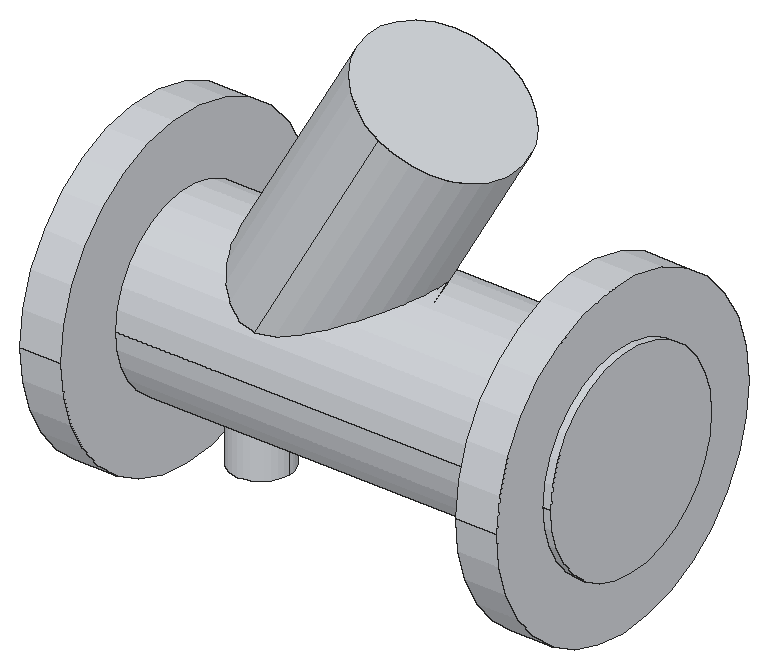
Revit family "HS 821-síto_standard-PN16-DN065-RFA_2019", category Pipe Accessories, Revit 2019
Family settings
  Round Connector Dimension = Use Diameter
  Part Type = Breaks Into
  Work Plane-Based = No
  Always vertical = Yes
  Cut with Voids When Loaded = No
  Shared = No
Parameters (values of type "821A-DN065-PN16-síto_standard")
  magiProductId = "235b1b3e4c0843779a4d5e3716d40a"
  magiProductFamilyId = "79214ac3aaa945e397802f559f5c1e"
  magiPartTypeId = 307
  isMeasuringValve [instance] = no
  ang2D [instance] = 0.00°
  ZB__ve = -ZB  # -29.75 mm
  ZB1 = 47.79 mm
  ZB = 29.75 mm
  X2 = 86.927 mm
  X1 = 40.6 mm
  W2D = 15 mm
  VersionID = "2.0/2017.9.26.1/ZETKAMA_821_001"
  Use Minimum Symbol Size [instance] = yes
  URL = "www.hydronix.cz"
  Type Comments = "Filtr přírubový; síto standardní; A-PN16 (-10~300°C); D-PN25 (-10~350°C); F-PN40 (-10~400°C)"
  S = 118 mm
  QmdConnectorList = "301;D;302;D"
  Productdata [instance] = ""
  Manufacturer = "Hydronix"
  MC Product Code = "200 165 (821A; DN065; PN16; kvs101,5; oko síta 1,25mm)"
  LM1 = 23.2 mm
  LM = 232 mm
  L4 = 72.5 mm
  L2D_Min = 3048 mm
  L2D = 130 mm
  L2 = 145 mm
  HH2 = 150.562 mm
  FD = 185 mm
  Description = "Filtr přírubový; síto standardní; 821A-PN16; 821D-PN25; 821F-PN40"
  DM1 = 94.2 mm
  DM = 106.2 mm
  D = 65 mm
  CC = 4.93 mm
  CAT0 = yes
  C1 = 24.07 mm
  C = 29 mm
  BD = 33.453 mm
Types (40, lengths in mm): name | magiProductId | ZB__ve | ZB1 | ZB | X2 | X1 | S | MC Product Code | LM1 | LM | L4 | L2 | HH2 | FD | DM1 | DM | D | CC | C1 | C | BD
  821A-DN015-PN16-síto_standard | "a71bcfe8b393460598b23e8ddf7dc5" | -16.25 | 18.63 | 16.25 | 46.982 | 18.2 | 46 | "200 115 (821A; DN015; PN16; kvs6,3; oko síta 1,00mm)" | 10.4 | 104 | 32.5 | 65 | 81.375 | 95 | 27.6 | 41.4 | 15 | 2.21 | 10.79 | 13 | 13.041
  821A-DN020-PN16-síto_standard | "41cd6c7a12924f4991217528336076" | -17.75 | 22.68 | 17.75 | 51.673 | 21 | 56 | "200 120 (821A; DN020; PN16; kvs11,2; oko síta 1,00mm)" | 12 | 120 | 37.5 | 75 | 89.5 | 105 | 33.6 | 50.4 | 20 | 2.55 | 12.45 | 15 | 15.876
  821A-DN025-PN16-síto_standard | "be378b463ed14c3abf4c9b3ae8cf3a" | -19.25 | 26.325 | 19.25 | 58.601 | 22.4 | 65 | "200 125 (821A; DN025; PN16; kvs14,7; oko síta 1,00mm)" | 12.8 | 128 | 40 | 80 | 101.5 | 115 | 43.2 | 58.5 | 25 | 2.72 | 13.28 | 16 | 18.427
  821A-DN032-PN16-síto_standard | "227a0d18b21540afabe8b6067d35fa" | -23 | 30.78 | 23 | 68.849 | 25.2 | 76 | "200 132 (821A; DN032; PN16; kvs23,7; oko síta 1,00mm)" | 14.4 | 144 | 45 | 90 | 119.25 | 140 | 50.4 | 68.4 | 32 | 3.06 | 14.94 | 18 | 21.546
  821A-DN040-PN16-síto_standard | "d106917c74724141a10440112d0102" | -24.5 | 34.02 | 24.5 | 75.777 | 28 | 84 | "200 140 (821A; DN040; PN16; kvs37,7; oko síta 1,00mm)" | 16 | 160 | 50 | 100 | 131.25 | 150 | 60 | 75.6 | 40 | 3.4 | 16.6 | 20 | 23.814
  821A-DN050-PN16-síto_standard | "8255d456a09e4f6486734f5dd9171b" | -26.75 | 40.095 | 26.75 | 79.061 | 32.2 | 99 | "200 150 (821A; DN050 PN16; kvs57,9; oko síta 1,00mm)" | 18.4 | 184 | 57.5 | 115 | 136.938 | 165 | 73.8 | 89.1 | 50 | 3.91 | 19.09 | 23 | 28.066
  821A-DN065-PN16-síto_standard | "235b1b3e4c0843779a4d5e3716d40a" | -29.75 | 47.79 | 29.75 | 86.927 | 40.6 | 118 | "200 165 (821A; DN065; PN16; kvs101,5; oko síta 1,25mm)" | 23.2 | 232 | 72.5 | 145 | 150.562 | 185 | 94.2 | 106.2 | 65 | 4.93 | 24.07 | 29 | 33.453
  821A-DN080-PN16-síto_standard | "a067f7c5236348ed8c820d16df7214" | -32 | 53.46 | 32 | 104.753 | 43.4 | 132 | "200 180 (821A; DN080; PN16; kvs147,4; oko síta 1,25mm)" | 24.8 | 248 | 77.5 | 155 | 181.438 | 200 | 107.4 | 118.8 | 80 | 5.27 | 25.73 | 31 | 37.422
  821A-DN100-PN16-síto_standard | "c49a648c2747461285837d643703cd" | -35 | 63.18 | 35 | 114.857 | 49 | 156 | "200 190 (821A; DN100; PN16; kvs209,6; oko síta 1,60mm)" | 28 | 280 | 87.5 | 175 | 198.937 | 220 | 131.4 | 140.4 | 100 | 5.95 | 29.05 | 35 | 44.226
  821A-DN125-PN16-síto_standard | "bf68e728a163493cbd2a663b26ebdc" | -39.5 | 74.52 | 39.5 | 131.888 | 56 | 184 | "200 191 (821A; DN125; PN16; kvs326,2; oko síta 1,60mm)" | 32 | 320 | 100 | 200 | 228.438 | 250 | 165 | 165.6 | 125 | 6.8 | 33.2 | 40 | 52.164
  821A-DN150-PN16-síto_standard | "2de770284b654863ae6bc865769dc5" | -44.75 | 85.455 | 44.75 | 155.885 | 67.2 | 211 | "200 192 (821A; DN150; PN16; kvs403; oko síta 1,60mm)" | 38.4 | 384 | 120 | 240 | 270 | 285 | 192 | 189.9 | 150 | 8.16 | 39.84 | 48 | 59.818
  821A-DN200-PN16-síto_standard | "8e5693371ab64aabb29a7f08c76e15" | -53 | 107.73 | 53 | 188.361 | 84 | 266 | "200 193 (821A; DN200; PN16; kvs707; oko síta 1,60mm)" | 48 | 480 | 150 | 300 | 326.25 | 340 | 252 | 239.4 | 200 | 10.2 | 49.8 | 60 | 75.411
  821A-DN250-PN16-síto_standard | "05e37ed948c34047acdd4c42556504" | -62.75 | 129.195 | 62.75 | 255.911 | 102.2 | 319 | "200 194 (821A; DN250; PN16; kvs1234; oko síta 1,60mm)" | 58.4 | 584 | 182.5 | 365 | 443.25 | 405 | 309.6 | 287.1 | 250 | 12.41 | 60.59 | 73 | 90.436
  821A-DN300-PN16-síto_standard | "9ad0af747269428da925480d83ce80" | -71 | 149.85 | 71 | 325.914 | 119 | 370 | "200 195 (821A; DN300; PN16; kvs1916; oko síta 1,60mm)" | 68 | 680 | 212.5 | 425 | 564.5 | 460 | 369.6 | 333 | 300 | 14.45 | 70.55 | 85 | 104.895
  821A-DN350-PN16-síto_standard | "eebc71459bb3451bb4355e7951370a" | -80 | 173.745 | 80 | 356.875 | 137.2 | 429 | "200 196 (821A; DN350; PN16; kvs2621; oko síta 1,60mm)" | 78.4 | 784 | 245 | 490 | 618.125 | 520 | 438 | 386.1 | 350 | 16.66 | 81.34 | 98 | 121.621
  821A-DN400-PN16-síto_standard | "d2f677cb196647e385b2590e7d8abe" | -89 | 194.4 | 89 | 392.237 | 154 | 480 | "200 197 (821A; DN400; PN16; kvs3460; oko síta 1,60mm)" | 88 | 880 | 275 | 550 | 679.375 | 580 | 498 | 432 | 400 | 18.7 | 91.3 | 110 | 136.08
  821D-DN015-PN25-síto_standard | "27ddcbf555414f8ca1fde329bf9087" | -16.25 | 18.63 | 16.25 | 46.982 | 18.2 | 46 | "200 215 (821D; DN015; PN25; kvs6,3; oko síta 1,00mm)" | 10.4 | 104 | 32.5 | 65 | 81.375 | 95 | 27.6 | 41.4 | 15 | 2.21 | 10.79 | 13 | 13.041
  821D-DN020-PN25-síto_standard | "270e0f14012f47189cd0235c18faee" | -17.75 | 22.68 | 17.75 | 51.673 | 21 | 56 | "200 220 (821D; DN020; PN25; kvs11,2; oko síta 1,00mm)" | 12 | 120 | 37.5 | 75 | 89.5 | 105 | 33.6 | 50.4 | 20 | 2.55 | 12.45 | 15 | 15.876
  821D-DN025-PN25-síto_standard | "b9a7fb4aa36643878c637d8e1ab992" | -19.25 | 26.325 | 19.25 | 58.601 | 22.4 | 65 | "200 225 (821D; DN025; PN25; kvs14,7; oko síta 1,00mm)" | 12.8 | 128 | 40 | 80 | 101.5 | 115 | 43.2 | 58.5 | 25 | 2.72 | 13.28 | 16 | 18.427
  821D-DN032-PN25-síto_standard | "6be9a55c4e68400f94eec7e804204c" | -23 | 30.78 | 23 | 68.849 | 25.2 | 76 | "200 232 (821D; DN032; PN25; kvs23,7; oko síta 1,00mm)" | 14.4 | 144 | 45 | 90 | 119.25 | 140 | 50.4 | 68.4 | 32 | 3.06 | 14.94 | 18 | 21.546
  821D-DN040-PN25-síto_standard | "c54511bd7f584ec2984291479612cb" | -24.5 | 34.02 | 24.5 | 75.777 | 28 | 84 | "200 240 (821D; DN040; PN25; kvs37,7; oko síta 1,00mm)" | 16 | 160 | 50 | 100 | 131.25 | 150 | 60 | 75.6 | 40 | 3.4 | 16.6 | 20 | 23.814
  821D-DN050-PN25-síto_standard | "5483b1f596b04cd39b23a14a22c90e" | -26.75 | 40.095 | 26.75 | 79.061 | 32.2 | 99 | "200 250 (821D; DN050; PN25; kvs57,9; oko síta 1,00mm)" | 18.4 | 184 | 57.5 | 115 | 136.938 | 165 | 73.8 | 89.1 | 50 | 3.91 | 19.09 | 23 | 28.066
  821D-DN065-PN25-síto_standard | "767b0f8318e94750bc7a9930ed5b30" | -29.75 | 47.79 | 29.75 | 86.927 | 40.6 | 118 | "200 265 (821D; DN065; PN25; kvs101,5; oko síta 1,25mm)" | 23.2 | 232 | 72.5 | 145 | 150.562 | 185 | 94.2 | 106.2 | 65 | 4.93 | 24.07 | 29 | 33.453
  821D-DN080-PN25-síto_standard | "e21040fa3cc2404b858198f6b73709" | -32 | 53.46 | 32 | 104.753 | 43.4 | 132 | "200 280 (821D; DN080; PN25; kvs147,4; oko síta 1,25mm)" | 24.8 | 248 | 77.5 | 155 | 181.438 | 200 | 107.4 | 118.8 | 80 | 5.27 | 25.73 | 31 | 37.422
  821D-DN100-PN25-síto_standard | "175ca87a506b40b3bc6b82f12f33cf" | -37.25 | 63.18 | 37.25 | 114.857 | 49 | 156 | "200 290 (821D; DN100; PN25; kvs209,6; oko síta 1,60mm)" | 28 | 280 | 87.5 | 175 | 198.937 | 235 | 131.4 | 140.4 | 100 | 5.95 | 29.05 | 35 | 44.226
  821D-DN125-PN25-síto_standard | "77cc98d60da24855999a22dff726b2" | -42.5 | 74.52 | 42.5 | 131.888 | 56 | 184 | "200 291 (821D; DN125; PN25; kvs326,2; oko síta 1,60mm)" | 32 | 320 | 100 | 200 | 228.438 | 270 | 165 | 165.6 | 125 | 6.8 | 33.2 | 40 | 52.164
  821D-DN150-PN25-síto_standard | "9cf8acfcd15547d68e83172d3abcbe" | -47 | 85.455 | 47 | 155.885 | 67.2 | 211 | "200 292 (821D; DN150; PN25; kvs403; oko síta 1,60mm)" | 38.4 | 384 | 120 | 240 | 270 | 300 | 192 | 189.9 | 150 | 8.16 | 39.84 | 48 | 59.818
  821D-DN200-PN25-síto_standard | "16973f3c9ea14389ba8602495a6b64" | -56 | 110.97 | 56 | 188.361 | 84 | 274 | "200 293 (821D; DN200; PN25; kvs707; oko síta 1,60mm)" | 48 | 480 | 150 | 300 | 326.25 | 360 | 252 | 246.6 | 200 | 10.2 | 49.8 | 60 | 77.679
  821F-DN015-PN40-síto_standard | "4c7eaf3c4c0340888b3e684d8a8616" | -16.25 | 18.225 | 16.25 | 46.982 | 18.2 | 45 | "240 615 (821F; DN015; PN40; kvs6,3; oko síta 1,00mm)" | 10.4 | 104 | 32.5 | 65 | 81.375 | 95 | 27.6 | 40.5 | 15 | 2.21 | 10.79 | 13 | 12.757
  821F-DN020-PN40-síto_standard | "aaac5f1ec96b44d6ba96ac2293d66d" | -17.75 | 23.49 | 17.75 | 51.673 | 21 | 58 | "240 620 (821F; DN020; PN40; kvs11,2; oko síta 1,00mm)" | 12 | 120 | 37.5 | 75 | 89.5 | 105 | 33.6 | 52.2 | 20 | 2.55 | 12.45 | 15 | 16.443
  821F-DN025-PN40-síto_standard | "504768023968471481789485b54c7e" | -19.25 | 27.54 | 19.25 | 58.601 | 22.4 | 68 | "240 625 (821F; DN025; PN40; kvs14,7; oko síta 1,00mm)" | 12.8 | 128 | 40 | 80 | 101.5 | 115 | 43.2 | 61.2 | 25 | 2.72 | 13.28 | 16 | 19.278
  821F-DN032-PN40-síto_standard | "165e7f39cf744f329bdf1c400dad12" | -23 | 31.59 | 23 | 68.849 | 25.2 | 78 | "240 632 (821F; DN032; PN40; kvs23,7; oko síta 1,00mm)" | 14.4 | 144 | 45 | 90 | 119.25 | 140 | 50.4 | 70.2 | 32 | 3.06 | 14.94 | 18 | 22.113
  821F-DN040-PN40-síto_standard | "b8903f952089408fbf3a5a632bab1f" | -24.5 | 35.64 | 24.5 | 75.777 | 28 | 88 | "240 640 (821F; DN040; PN40; kvs37,7; oko síta 1,00mm)" | 16 | 160 | 50 | 100 | 131.25 | 150 | 60 | 79.2 | 40 | 3.4 | 16.6 | 20 | 24.948
  821F-DN050-PN40-síto_standard | "c451f97266fe48da8f879cb6a2bd44" | -26.75 | 41.31 | 26.75 | 79.061 | 32.2 | 102 | "240 650 (821F; DN050; PN40; kvs57,9; oko síta 1,00mm)" | 18.4 | 184 | 57.5 | 115 | 136.938 | 165 | 73.8 | 91.8 | 50 | 3.91 | 19.09 | 23 | 28.917
  821F-DN065-PN40-síto_standard | "dc9821e3f9b34e128f6a8c6b34c198" | -29.75 | 49.41 | 29.75 | 86.927 | 40.6 | 122 | "240 665 (821F; DN065; PN40; kvs101,5; oko síta 1,25mm)" | 23.2 | 232 | 72.5 | 145 | 150.562 | 185 | 94.2 | 109.8 | 65 | 4.93 | 24.07 | 29 | 34.587
  821F-DN080-PN40-síto_standard | "689aa1e260f84cf4994f027a1d86b5" | -32 | 55.89 | 32 | 104.753 | 43.4 | 138 | "240 680 (821F; DN080; PN40; kvs147,4; oko síta 1,25mm)" | 24.8 | 248 | 77.5 | 155 | 181.438 | 200 | 107.4 | 124.2 | 80 | 5.27 | 25.73 | 31 | 39.123
  821F-DN100-PN40-síto_standard | "8a45d4e8e2ab425f8c432f21d684f3" | -37.25 | 65.61 | 37.25 | 114.857 | 49 | 162 | "240 690 (821F; DN100; PN40; kvs209,6; oko síta 1,6mm)" | 28 | 280 | 87.5 | 175 | 198.937 | 235 | 131.4 | 145.8 | 100 | 5.95 | 29.05 | 35 | 45.927
  821F-DN125-PN40-síto_standard | "cf073904c006406b8645afa67ea2fc" | -42.5 | 76.14 | 42.5 | 131.888 | 56 | 188 | "240 691 (821F; DN125; PN40; kvs326,2; oko síta 1,6mm)" | 32 | 320 | 100 | 200 | 228.438 | 270 | 165 | 169.2 | 125 | 6.8 | 33.2 | 40 | 53.298
  821F-DN150-PN40-síto_standard | "0153b9ddabe14992a630484929fdbc" | -47 | 88.29 | 47 | 155.885 | 67.2 | 218 | "240 692 (821F; DN150; PN40; kvs403; oko síta 1,6mm)" | 38.4 | 384 | 120 | 240 | 270 | 300 | 192 | 196.2 | 150 | 8.16 | 39.84 | 48 | 61.803
  821F-DN200-PN40-síto_standard | "7fb3fc01dd8d42428c203e3f8dd4d5" | -56 | 115.425 | 56 | 188.361 | 84 | 285 | "240 693 (821F; DN200; PN40; kvs707; oko síta 1,6mm)" | 48 | 480 | 150 | 300 | 326.25 | 360 | 252 | 256.5 | 200 | 10.2 | 49.8 | 60 | 80.797
Reference planes
  plane 1 "Center (Front/Back)": y = 0
  plane 2 "XYPLANE": z = 0
  plane 3 "Center (Left/Right)": x = 0
  plane 4 "109": x = -92.8
  plane 5 "108": x = 116
  plane 6 "107": x = -116
  plane 7 "105": x = 145
  plane 8 "104": x = -145
  plane 9 "103": y = 0
  plane 10 "102": z = 0
  plane 11 "101": x = -140.07
  plane 12 "100": x = 140.07
  plane 13 "11": x = -52.2
  plane 14 "10": z = 150.562
  plane 15 "9": x = 34.727
  plane 16 "5": z = -47.79
  plane 17 "4": x = -72.5
  plane 18 "1": x = 72.5
Forms (mm)
  Extrusion 1, solid, visible <- "CAT0"
    sketch origin (-116, -750, 0) x (0, 1, 0) y (0, 0, 1)
      loop
        circle (750, 0) r 53.1
    from 0 to 232 <- "LM"
  Extrusion 2, solid
    sketch origin (-145, -750, 0) x (0, 1, 0) y (0, 0, 1)
      loop
        circle (750, 0) r 59
    from 0 to 4.93 <- "CC"
  Extrusion 3, solid
    sketch origin (-140.07, -750, 0) x (0, 1, 0) y (0, 0, 1)
      loop
        circle (750, 0) r 92.5
    from 0 to 24.07 <- "C1"
  Extrusion 4, solid
    sketch origin (116, -750, 0) x (0, 1, 0) y (0, 0, 1)
      loop
        circle (750, 0) r 92.5
    from 0 to 24.07 <- "C1"
  Extrusion 5, solid
    sketch origin (140.07, -750, 0) x (0, 1, 0) y (0, 0, 1)
      loop
        circle (750, 0) r 59
    from 0 to 4.93 <- "CC"
  Sweep 6, solid, visible <- "CAT0"
    path origin (750, 0, 0) x (-1, 0, 0) y (0, 0, 1)
      loop
        line (866, 0) -> (802.2, 0) -> (715.273, 150.562)
    profile origin (-116, 0, 0) x (0, 0, -1) y (0, 1, 0)
      loop
        circle (0, 0) r 47.1
  Extrusion 7, solid, visible <- "CAT0"
    sketch origin (-750, 0, -47.79) x (1, 0, 0) y (0, 1, 0)
      loop
        circle (677.5, 0) r 16.726
    from 0 to -29.75 <- "ZB__ve"
  Extrusion 8, solid, visible <- "CAT0"
    sketch origin (-750, 0, -47.79) x (1, 0, 0) y (0, 1, 0)
      loop
        circle (822.5, 0) r 16.726
    from 0 to -29.75 <- "ZB__ve"
  Extrusion 9, solid, not visible
    sketch origin (145, -750, 0) x (0, 1, 0) y (0, 0, 1)
      loop
        circle (750, 0) r 10
    from 0 to -10
  Extrusion 10, solid, not visible
    sketch origin (-145, -750, 0) x (0, 1, 0) y (0, 0, 1)
      loop
        circle (750, 0) r 10
    from 0 to 10
Lines and regions (mm)
  reference lines, not visible
    curve 1: circle (2, 2, 0) r 1 normal (0, 0, 1)
Dimensions and locks
  plane 1 "Center (Front/Back)" to curve 1 = 2 mm
  "LM1": plane 6 "107" to plane 4 "109"
  "LM": plane 6 "107" to plane 5 "108"
  "C": plane 8 "104" to plane 6 "107"
  "L2": plane 3 "Center (Left/Right)" to plane 7 "105"
  "L2": plane 3 "Center (Left/Right)" to plane 8 "104"
  locked: plane 1 "Center (Front/Back)" to plane 9 "103"
  locked: plane 2 "XYPLANE" to plane 10 "102"
  "CC": plane 8 "104" to plane 11 "101"
  "C1": plane 5 "108" to plane 12 "100"
  "X1": plane 4 "109" to plane 13 "11"
  "HH2": plane 2 "XYPLANE" to plane 14 "10"
  "X2": plane 13 "11" to plane 15 "9"
  "ZB1": plane 2 "XYPLANE" to plane 16 "5"
  "L4": plane 8 "104" to plane 17 "4"
  "L2": plane 17 "4" to plane 18 "1"
  Sweep 6 sketch curve to Sweep 6 sketch curve = 0 mm  (x2)
  "DM": diameter of Extrusion 1 sketch curve
  "S": diameter of Extrusion 2 sketch curve
  "FD": diameter of Extrusion 3 sketch curve
  "FD": diameter of Extrusion 4 sketch curve
  "S": diameter of Extrusion 5 sketch curve
  "DM1": diameter of Sweep 6 sketch curve
  "BD": diameter of Extrusion 7 sketch curve
  "BD": diameter of Extrusion 8 sketch curve
  aligned and locked: level to plane 2 "XYPLANE"
  aligned and locked: Extrusion 1 sketch curve to plane 9 "103"
  aligned and locked: plane 10 "102" to Extrusion 1 sketch curve
  aligned and locked: Extrusion 2 sketch curve to plane 9 "103"
  aligned and locked: plane 10 "102" to Extrusion 2 sketch curve
  aligned and locked: Extrusion 3 sketch curve to plane 9 "103"
  aligned and locked: plane 10 "102" to Extrusion 3 sketch curve
  aligned and locked: Extrusion 4 sketch curve to plane 9 "103"
  aligned and locked: plane 10 "102" to Extrusion 4 sketch curve
  aligned and locked: Extrusion 5 sketch curve to plane 9 "103"
  aligned and locked: plane 10 "102" to Extrusion 5 sketch curve
  aligned and locked: Sweep 6 sketch curve to plane 9 "103"
  aligned and locked: plane 10 "102" to Sweep 6 sketch curve  (x3)
  aligned and locked: plane 6 "107" to Sweep 6 sketch curve
  aligned and locked: plane 13 "11" to Sweep 6 sketch curve
  aligned and locked: plane 14 "10" to Sweep 6 sketch curve
  aligned and locked: plane 15 "9" to Sweep 6 sketch curve
  aligned and locked: plane 9 "103" to Extrusion 7 sketch curve
  aligned and locked: plane 17 "4" to Extrusion 7 sketch curve
  aligned and locked: plane 9 "103" to Extrusion 8 sketch curve
  aligned and locked: plane 18 "1" to Extrusion 8 sketch curve
  aligned and locked: Extrusion 9 sketch curve to plane 9 "103"
  aligned and locked: plane 10 "102" to Extrusion 9 sketch curve
  aligned and locked: Extrusion 10 sketch curve to plane 9 "103"
  aligned and locked: plane 10 "102" to Extrusion 10 sketch curve
Automatic sketch dimensions
  plane 1 "Center (Front/Back)" to Extrusion 9 sketch curve = 10 mm
  plane 1 "Center (Front/Back)" to Extrusion 10 sketch curve = 10 mm
  plane 3 "Center (Left/Right)" to curve 1 = 2 mm
  radius of curve 1 = 1 mm
Connectors
  piping at (-145, 0, 0), diameter 65, driven by "D"
    settings: on Extrusion 10, index 1, connector inside diameter 609.6 mm, connector length 0 mm, flow factor 0, pipe flow 0.0 L/s, pressure drop 0.0 Pa, fitting loss kfactor 0, connector angle 0.00°, fixture units 0, engagement length 0 mm, angle of deflection 0.00°, flow configuration 0, flow direction 0, fitting loss method 0, system type 29, joint type 0, gender type 0, connector reference index 2, connector utility 0, adjustable connector no, is connector primary yes, connector description ""
  piping at (145, 0, 0), diameter 65, driven by "D"
    settings: on Extrusion 9, index 2, connector inside diameter 609.6 mm, connector length 0 mm, flow factor 0, pipe flow 0.0 L/s, pressure drop 0.0 Pa, fitting loss kfactor 0, connector angle 0.00°, fixture units 0, engagement length 0 mm, angle of deflection 0.00°, flow configuration 0, flow direction 0, fitting loss method 0, system type 29, joint type 0, gender type 0, connector reference index 1, connector utility 0, adjustable connector no, is connector primary no, connector description ""
